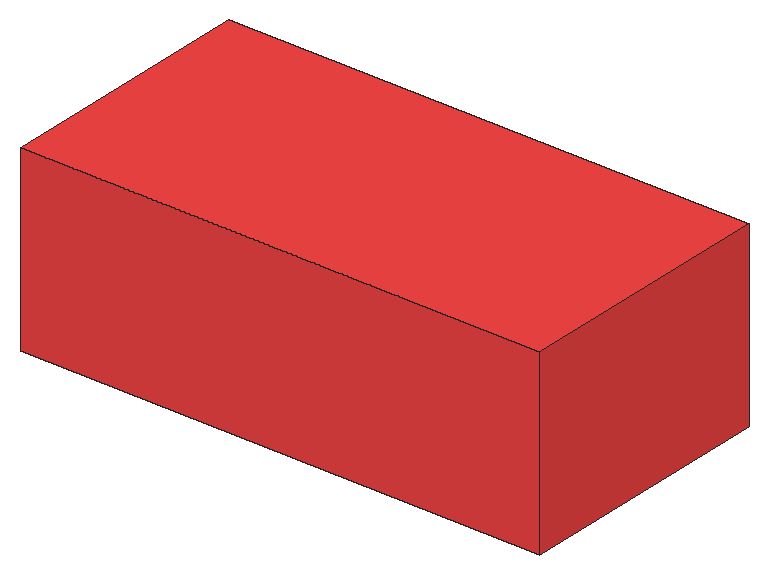
Revit family "Задание_Стена_Прямоугольник_БезОсновы", category Окна, Revit 2019
Family settings
  На основе рабочей плоскости = Нет
  Всегда вертикально = Да
  При загрузке вырезать с полостями = Да
  Общий = Нет
  Точка расчета площади = Нет
Parameters (values of type "Задание_Стена_Прямоугольное")
  Width = 0 mm  # constant formula
  Состояние [instance] = yes
  Согласованно [instance] = not(Несогласованно)  # no
  Размер обозначения [instance] = if(Отверстие_Ширина > Отверстие_Высота, Отверстие_Ширина / 5, Отверстие_Высота / 5)  # 80 mm
  Rough Width = 0 mm  # constant formula
  Rough Height = 0 mm  # constant formula
  Позиция [instance] = ""
  Отверстие_Ширина [instance] = 400 mm
  Отверстие_Отметка этажа [instance] = 0 mm
  Отверстие_Отметка от этажа [instance] = 0 mm
  Отверстие_Отметка от нуля [instance] = (Отверстие_Отметка от этажа + Отверстие_Отметка этажа)  # 0 mm
  Отверстие_Дисциплина [instance] = ""
  Отверстие_Дата [instance] = ""
  Отверстие_Глубина [instance] = 200 mm
  Отверстие_Высота [instance] = 140 mm
  Отверстие = yes
  Несогласованно [instance] = yes
  Материал стены [instance] = ""
  Люк = not(Отверстие)  # no
  Коллизии [instance] = ""
  Инструкция [instance] = "https://docs.google.com/document/d/1dWthfLxqsksj-u4klXlJBslAAIWb7P7Y/edit"
  Группа модели = "Задание"  # constant formula
  Height = 0 mm  # constant formula
  Видимость_вверх [instance] = 2400 mm
  Аналитическая конструкция = "<Нет>"
  Y [instance] = 0
  X [instance] = 0
Reference planes
  plane 1 "По центру (Вперед/Назад)": y = -50
  plane 2: z = 0
  plane 3 "По центру (Влево/Вправо)": x = -50
  plane 4: y = 50
  plane 5: x = 150
  plane 6: x = -250
  plane 7: y = -150
  plane 8: z = 0
  plane 9 "Корректировка": z = 2400
Forms (mm)
  Extrusion 1, void
    sketch origin (0, 179.066, 0) x (0, 1, 0) y (-1, 0, 0)
      loop
        line (-129.066, 250) -> (-329.066, 250) -> (-329.066, -150) -> (-129.066, -150) -> (-129.066, 250)
    from 0 to 140 <- "Отверстие_Высота"
  Extrusion 2, solid, material "Согласованное_Отверстие", visible <- "Согласованно"
    sketch origin (-249.666, -150, 1200) x (-1, 0, 0) y (0, 0, -1)
      loop
        line (-399.666, 1060) -> (0.334, 1060) -> (0.334, 1200) -> (-399.666, 1200) -> (-399.666, 1060)
    from 0 to -200
  Extrusion 3, solid, material "Не Соглас_Отверстие", visible <- "Несогласованно"
    sketch origin (-249.666, -150, 1200) x (-1, 0, 0) y (0, 0, -1)
      loop
        line (-399.666, 1060) -> (0, 1060) -> (0, 1200) -> (-399.666, 1200) -> (-399.666, 1060)
    from 0 to -200
  Extrusion 4, solid, material "Состояние", visible <- "Состояние"
    sketch origin (-249.666, -150, 1200) x (-1, 0, 0) y (0, 0, -1)
      loop
        line (-399.666, 1060) -> (0, 1060) -> (0, 1200) -> (-399.666, 1200) -> (-399.666, 1060)
    from 0 to -200
Lines and regions (mm)
  model lines, detail levels coarse
    curve 1: line (-50, -50, 0) -> (-50, -50, 2400)
  model lines
    curve 2: line (-250, -150, 140) -> (150, -150, 140)
    curve 3: line (-250, -150, 0) -> (-250, -150, 140)
    curve 4: line (150, -150, 0) -> (-250, -150, 0)
    curve 5: line (150, -150, 140) -> (150, -150, 0)
  model lines, style "InvisibleLines"
    curve 6: line (165.345, -28.125, 0) -> (199.095, 28.125, 0)
    curve 7: line (165.345, 28.125, 0) -> (199.095, -28.125, 0)
    curve 8: line (255.345, 0, 0) -> (199.095, 0, 0)
    curve 9: line (255.345, 0, 0) -> (240.512, -5.399, 0)
    curve 10: line (255.345, 0, 0) -> (240.512, 5.399, 0)
    curve 11: line (199.095, 0, 0) -> (213.928, -5.399, 0)
    curve 12: line (199.095, 0, 0) -> (213.928, 5.399, 0)
    curve 27: line (-250, -50, 0) -> (150, -50, 0)
    curve 28: line (-50, 50, 0) -> (-50, -150, 0)
    curve 29: line (-86, 94.938, 0) -> (-68, 124.938, 0)
    curve 30: line (-104, 124.938, 0) -> (-86, 94.938, 0)
    curve 31: line (-50, 124.938, 0) -> (-50, 64.938, 0)
    curve 32: line (-50, 124.938, 0) -> (-44.241, 109.116, 0)
    curve 33: line (-50, 124.938, 0) -> (-55.759, 109.116, 0)
    curve 34: line (-50, 64.938, 0) -> (-44.241, 80.76, 0)
    curve 35: line (-50, 64.938, 0) -> (-55.759, 80.76, 0)
    curve 36: line (-86, 94.938, 0) -> (-86, 64.938, 0)
    curve 54: line (170.095, -150, 170) -> (270.095, -150, 170)
    curve 55: line (270.095, -150, 170) -> (170.095, -150, 30)
    curve 56: line (170.095, -150, 30) -> (270.095, -150, 30)
    curve 57: line (351, -150, 170) -> (351, -150, 30)
    curve 58: line (351, -150, 170) -> (389.891, -150, 131.109)
    curve 59: line (351, -150, 170) -> (312.109, -150, 131.109)
    curve 60: line (351, -150, 30) -> (389.891, -150, 68.891)
    curve 61: line (351, -150, 30) -> (312.109, -150, 68.891)
  model lines, style "InvisibleLines", not visible
    curve 13: line (28.629, 15.438, 0) -> (43.629, 40.438, 0)
    curve 14: line (28.629, 40.438, 0) -> (43.629, 15.438, 0)
    curve 15: line (68.629, 27.938, 0) -> (43.629, 27.938, 0)
    curve 16: line (68.629, 27.938, 0) -> (62.036, 25.539, 0)
    curve 17: line (68.629, 27.938, 0) -> (62.036, 30.337, 0)
    curve 18: line (43.629, 27.938, 0) -> (50.221, 25.539, 0)
    curve 19: line (43.629, 27.938, 0) -> (50.221, 30.337, 0)
    curve 20: line (190.345, 15.562, 0) -> (224.095, 71.812, 0)
    curve 21: line (190.345, 71.812, 0) -> (224.095, 15.562, 0)
    curve 22: line (280.345, 43.687, 0) -> (224.095, 43.687, 0)
    curve 23: line (280.345, 43.687, 0) -> (265.512, 38.288, 0)
    curve 24: line (280.345, 43.687, 0) -> (265.512, 49.086, 0)
    curve 25: line (224.095, 43.687, 0) -> (238.928, 38.288, 0)
    curve 26: line (224.095, 43.687, 0) -> (238.928, 49.086, 0)
    curve 37: line (317.866, -74.537, 0) -> (325.366, -62.037, 0)
    curve 38: line (310.366, -62.037, 0) -> (317.866, -74.537, 0)
    curve 39: line (332.866, -62.037, 0) -> (332.866, -87.037, 0)
    curve 40: line (332.866, -62.037, 0) -> (335.266, -68.63, 0)
    curve 41: line (332.866, -62.037, 0) -> (330.467, -68.63, 0)
    curve 42: line (332.866, -87.037, 0) -> (335.266, -80.445, 0)
    curve 43: line (332.866, -87.037, 0) -> (330.467, -80.445, 0)
    curve 44: line (317.866, -74.537, 0) -> (317.866, -87.037, 0)
    curve 45: line (-79.309, 180.938, 0) -> (-61.309, 210.938, 0)
    curve 46: line (-97.309, 210.938, 0) -> (-79.309, 180.938, 0)
    curve 47: line (-43.309, 210.938, 0) -> (-43.309, 150.938, 0)
    curve 48: line (-43.309, 210.938, 0) -> (-37.55, 195.116, 0)
    curve 49: line (-43.309, 210.938, 0) -> (-49.068, 195.116, 0)
    curve 50: line (-43.309, 150.938, 0) -> (-37.55, 166.76, 0)
    curve 51: line (-43.309, 150.938, 0) -> (-49.068, 166.76, 0)
    curve 52: line (-79.309, 180.938, 0) -> (-79.309, 150.938, 0)
    curve 62: line (199.095, -150, 170) -> (299.095, -150, 170)
    curve 63: line (299.095, -150, 170) -> (199.095, -150, 30)
    curve 64: line (199.095, -150, 30) -> (299.095, -150, 30)
    curve 65: line (380, -150, 170) -> (380, -150, 30)
    curve 66: line (380, -150, 170) -> (418.891, -150, 131.109)
    curve 67: line (380, -150, 170) -> (341.109, -150, 131.109)
    curve 68: line (380, -150, 30) -> (418.891, -150, 68.891)
    curve 69: line (380, -150, 30) -> (341.109, -150, 68.891)
  model lines, visible <- "Люк"
    curve 53: line (150, -150, 0) -> (-236.37, -253.528, 0)
Dimensions and locks
  "Отверстие_Ширина": plane 6 to plane 5
  "Отверстие_Глубина": plane 7 to plane 4
  equal spacing: plane 6, plane 3 "По центру (Влево/Вправо)", plane 5
  equal spacing: plane 4, plane 1 "По центру (Вперед/Назад)", plane 7
  "Видимость_вверх": plane 9 "Корректировка" to level
  locked: plane 5 to curve 7 at 15.345
  locked: nested 1 to curve 35 at 14.938
  "Отверстие_Ширина": curve 53 to curve 53
  locked: curve 54 to Extrusion 2 at 20.095
  locked: curve 54 to Extrusion 2 at 30
  angle nested 1 to curve 53 = 15.00°
  aligned and locked: level to plane 2
  aligned and locked: Extrusion 1 sketch curve to plane 6
  aligned and locked: Extrusion 1 sketch curve to plane 5
  aligned and locked: nested 1 to plane 7
  aligned and locked: plane 6 to nested 1
  aligned and locked: nested 1 to plane 5
  aligned and locked: nested 1 to plane 4
  aligned and locked: curve 1 to plane 1 "По центру (Вперед/Назад)"
  aligned and locked: plane 9 "Корректировка" to curve 1
  aligned and locked: level to curve 1
  aligned and locked: plane 4 to Extrusion 2
  aligned and locked: plane 7 to Extrusion 1
  aligned and locked: plane 4 to Extrusion 1
  aligned and locked: curve 2 to Extrusion 1
  aligned and locked: curve 3 to Extrusion 1
  aligned and locked: curve 4 to Extrusion 1
  aligned and locked: curve 5 to Extrusion 1
  aligned and locked: plane 5 to Extrusion 2 sketch curve
  aligned and locked: Extrusion 2 sketch curve to level
  aligned and locked: plane 6 to Extrusion 2 sketch curve
  aligned and locked: Extrusion 2 sketch curve to Extrusion 1
  aligned and locked: Extrusion 1 to curve 28
  aligned and locked: curve 2 to curve 28
  aligned and locked: Extrusion 1 to curve 27  (x2)
  aligned and locked: nested 1 to curve 53
  aligned and locked: Extrusion 2 to plane 7
  aligned and locked: plane 4 to Extrusion 3
  aligned and locked: plane 5 to Extrusion 3
  aligned and locked: Extrusion 3 to plane 7
  aligned and locked: Extrusion 3 to Extrusion 1
Automatic sketch dimensions
  curve 1 to plane 1 "По центру (Вперед/Назад)" = 0 mm
  curve 28 to plane 3 "По центру (Влево/Вправо)" = 0 mm
  curve 53 to plane 5 = 0 mm
  plane 7 to curve 53 = 0 mm
  plane 1 "По центру (Вперед/Назад)" to curve 27 = 0 mm
  curve 53 to plane 6 = 13.63 mm
  Extrusion 1 sketch curve to plane 7 = 0 mm
  Extrusion 1 sketch curve to plane 4 = 0 mm
  Extrusion 3 sketch curve to level = 0 mm
  Extrusion 3 sketch curve to plane 5 = 0 mm
  plane 6 to Extrusion 3 sketch curve = 0.334 mm
  Extrusion 3 sketch curve to level = 140 mm
  Extrusion 4 sketch curve to level = 0 mm
  Extrusion 4 sketch curve to plane 5 = 0 mm
  plane 6 to Extrusion 4 sketch curve = 0.334 mm
  Extrusion 4 sketch curve to level = 140 mm
Nested families
  nested 1: "Заполнение (план)" at (-50, -150, 0), Красный <- "Несогласованно", type "Стандарт"
    with Черный no, Красный yes, Masking length 400 mm, Masking depth 200 mm
Definition of nested family "Заполнение (план)"
  Parameters (values of type "Красный")
    Черный [instance] = not(Красный)  # no
    Красный [instance] = yes
    Assembly Code = ""
    Masking length [instance] = 400 mm
    Masking depth [instance] = 300 mm
  Reference planes
    plane 1 "Break Line": y = 0
    plane 2: z = 0
    plane 3: x = -200
    plane 4: x = 200
    plane 5: y = 300
  Lines and regions (mm)
    Filled region 1, type "Черный", in view "Ground floor", visible <- "Черный"
      outline origin (0, 0, 0) x (1, 0, 0) y (0, 1, 0)
        loop
          line (-200, 0) -> (200, 0) -> (200, 300) -> (-200, 300) -> (-200, 0)
    Filled region 2, type "Красный", in view "Ground floor", visible <- "Красный"
      outline origin (0, 0, 0) x (1, 0, 0) y (0, 1, 0)
        loop
          line (-200, 0) -> (200, 0) -> (200, 300) -> (-200, 300) -> (-200, 0)
    detail lines, in view "Ground floor"
      curve 1: line (-200, 300, 0) -> (200, 0, 0)
      curve 2: line (-200, 0, 0) -> (200, 300, 0)
  Dimensions and locks
    "Masking depth": plane 1 "Break Line" to plane 5
    "Masking length": plane 3 to plane 4
    plane 3 to Filled region 2 = 400 mm
    aligned and locked: plane 3 to Filled region 1
    aligned and locked: plane 5 to Filled region 1 sketch curve
    aligned and locked: plane 1 "Break Line" to Filled region 1 sketch curve
    aligned and locked: plane 4 to Filled region 1 sketch curve
    aligned and locked: Filled region 1 sketch curve to plane 3
    aligned and locked: plane 5 to curve 1
    aligned and locked: plane 4 to curve 1
    aligned and locked: plane 3 to curve 2
    aligned and locked: plane 5 to curve 2
    aligned and locked: Filled region 2 to plane 4
    aligned and locked: Filled region 2 to plane 5
    aligned and locked: plane 3 to Filled region 2
    aligned and locked: plane 1 "Break Line" to Filled region 2
  Automatic sketch dimensions
    curve 1 to plane 3 = 0 mm
    curve 2 to plane 4 = 0 mm
    plane 1 "Break Line" to curve 1 = 0 mm
    plane 1 "Break Line" to curve 2 = 0 mm
    Filled region 2 sketch curve to plane 3 = 0 mm
    plane 4 to Filled region 2 sketch curve = 0 mm
    Filled region 2 sketch curve to plane 1 "Break Line" = 0 mm
    plane 5 to Filled region 2 sketch curve = 0 mm
